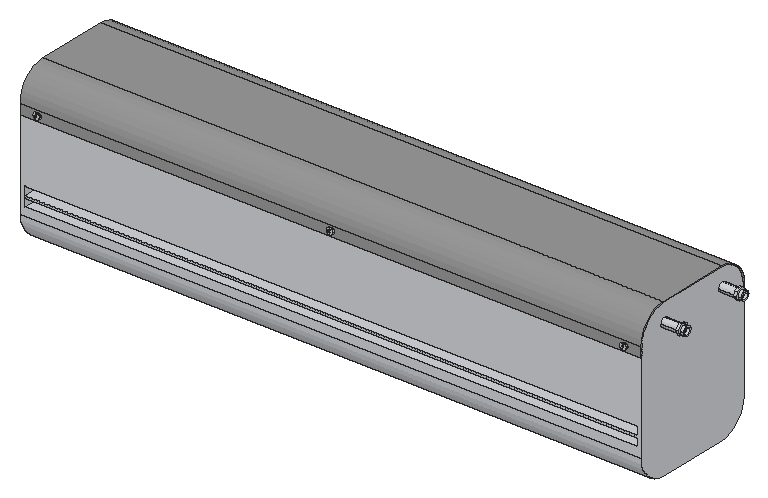
Revit family "Air-Curtain_Customer-Entry_PoweredAire_CLD-CHD-HWST", category Mechanical Equipment, host Face, Revit 2025
Family settings
  Host = Face
  Round Connector Dimension = Use Diameter
  Part Type = Normal
  OmniClass Number = 23.75.35.17.21
  OmniClass Title = Air Curtains
  Cut with Voids When Loaded = No
  Maintain Annotation Orientation = No
  Shared = No
  Room Calculation Point = No
Parameters
  upperpiperotation [instance] = if(Upper Pipe Connection Side A, 0.00°, 180.00°)  # 0.00°
  lowerpiperotation [instance] = if(Lower Pipe Connection Side A, 0.00°, 180.00°)  # 0.00°
  locateupperpipe [instance] = if(Upper Pipe Connection Side A, 0.00", Nozzle Width)  # 0.00"
  locatelowerpipe [instance] = if(Lower Pipe Connection Side A, 0.00", Nozzle Width)  # 0.00"
  Upper Pipe Connection Side A [instance] = yes
  Unit Width Notes = "Other Widths available."  # constant formula
  Unit Width = 73.00"
  Unit Weight = 0
  Unit Height = 15.00"
  Unit Depth = 18.30"
  URL = "http://www.poweredaire.com/"
  Specification = ""
  Projection from Host [instance] = 2.00"
  Product Page URL = "https://www.arcat.com/company/powered-aire-inc-47623"
  Power Rating = 0 W
  Piping_Water Flow [instance] = 0 GPM
  Piping_Operating Pressure [instance] = 0.00 psi
  Piping_Exit Temperature [instance] = 0 °F
  Piping_Entry Temperature [instance] = 0 °F
  Pipe OD [instance] = 5/8"
  Nozzle Width = if(1 = 1, Unit Width - 3.00", 0.00")  # 70.00"
  Mounting Width = if(1 = 1, Unit Width - 1.50", 0.00")  # 71.50"
  Mounting Height [instance] = 50.00"
  Motor RPM = 0
  Motor HP = 0
  Motor Count = 0
  Model = "CLD CHD HW ST"
  Max Height = 0.00"
  Manufacturer = "Powered Aire, Inc"
  Lower Pipe Connection Side A [instance] = yes
  Keynote = "23 34 33"
  Junction Height = 1.77"
  Include Clearance [instance] = yes
  Heating Element Load = 0 W
  HVAC_Temperature Rise = 0 °F
  HVAC_Outlet Volume = 0 CFM
  HVAC_Outlet Velocity Uniformity = 0
  HVAC_Outlet Velocity = 0 FPM
  HVAC_BTU Input = 0.0 Btu/h
  Front Grating Material [instance] = Metal - Steel - PoweredAire - White Perforated
  Frame Finish [instance] = Metal - Steel - PoweredAire - Stainless 304
  Electrical_Wattage [instance] = Power Rating + Heating Element Load  # 0 W
  Electrical_Voltage [instance] = 0 V
  Electrical_Phase [instance] = 1
  Electrical_Frequency [instance] = 0 Hz
  Electrical_Amperage [instance] = 0 A
  Description = ""
  Default Elevation = 0.00"  # constant formula
  Cover Finish [instance] = Metal - Steel - PoweredAire - White
  Copyright = "©Arcat Inc."
  Clearance Material [instance] = ARCAT Clearance
  CAD Details = ""
  Assembly Code = "D3090400"
Reference planes (in)
  plane 1 "Center (Elevation)": y = 8.13818
  plane 2: z = 0
  plane 3 "Center (Left/Right)": x = 0
  plane 4 "FF": y = -41.86182
  plane 5: z = 2
  plane 6: x = 36.5
  plane 7: x = -36.5
  plane 8: z = 20.3
  plane 9: y = 15.63818
  plane 10: z = 2.48
  plane 11: x = -36
  plane 12: x = 36
  plane 13: z = 2.36
  plane 14: y = 0.63818
  plane 15: y = 15.83818
  plane 16: y = 0.43818
  plane 17: y = 17.88818
  plane 18: y = 15.83818
  plane 19: y = 0.43818
  plane 20: y = 12.38818
  plane 21: y = 3.88818
  plane 22: z = 18.25
Forms (in)
  Extrusion 1, solid
    sketch origin (0, -2.225, 0) x (0, 1, 0) y (0, 0, 1)
      loop
        arc (17.86318, 17.05) -> (16.91127, 19.3481) -> (14.61318, 20.3) r 3.25
        line (14.61318, 20.3) -> (6.11318, 20.3)
        arc (6.11318, 20.3) -> (3.81508, 19.3481) -> (2.86318, 17.05) r 3.25
        line (2.86318, 17.05) -> (2.86318, 5.25)
        arc (2.86318, 5.25) -> (3.81508, 2.9519) -> (6.11318, 2) r 3.25
        line (6.11318, 2) -> (14.61318, 2)
        arc (14.61318, 2) -> (16.91127, 2.9519) -> (17.86318, 5.25) r 3.25
        line (17.86318, 5.25) -> (17.86318, 17.05)
    from -36.5 to 36.5
  Extrusion 2, solid, material "Circular Hatch"
    sketch origin (0, 0, 0) x (0, 1, 0) y (0, 0, 1)
      loop
        line (15.63818, 17.05) -> (15.63818, 15.86909) -> (15.71818, 15.86909) -> (15.71818, 17.05)
        arc (15.71818, 17.05) -> (14.74284, 19.40467) -> (12.38818, 20.38) r 3.33
        line (12.38818, 20.38) -> (3.88818, 20.38)
        arc (3.88818, 20.38) -> (1.53351, 19.40467) -> (0.55818, 17.05) r 3.33
        line (0.55818, 17.05) -> (0.55818, 15.86909) -> (0.63818, 15.86909) -> (0.63818, 17.05)
        arc (0.63818, 17.05) -> (1.59008, 19.3481) -> (3.88818, 20.3) r 3.25
        line (3.88818, 20.3) -> (12.38818, 20.3)
        arc (12.38818, 20.3) -> (14.68627, 19.3481) -> (15.63818, 17.05) r 3.25
    from -36.5 to 36.5
  Extrusion 3, void
    sketch origin (0, 3.875, 1.78) x (0, 1, 0) y (0, 0, 1)
      loop
        line (-3.23682, 5.5) -> (-3.23682, 4.5) -> (-1.48682, 4.5) -> (-1.48682, 6.75) -> (-3.23682, 6.75) -> (-3.23682, 5.75) -> (-1.73682, 5.75) -> (-1.73682, 5.5) -> (-3.23682, 5.5)
    from -36 to 36
  Extrusion 4, solid
    sketch origin (0, 8.13818, 0) x (1, 0, 0) y (0, 0, 1)
      loop
        line (-2, 8.44409) -> (2, 8.44409) -> (2, 12.44409) -> (-2, 12.44409) -> (-2, 8.44409)
      loop
        circle (1.9, 12.34409) r 0.05
      loop
        circle (-1.9, 8.54409) r 0.05
    from -9.75 to -7.5
  Extrusion 5, void
    sketch origin (0, 8.13818, 0) x (1, 0, 0) y (0, 0, 1)
      loop
        circle (35.8125, 15.23003) r 0.38
      loop
        circle (35.8125, 4.43003) r 0.38
      loop
        circle (-35.8125, 15.23003) r 0.38
      loop
        circle (-35.8125, 4.43003) r 0.38
    from -7.7 to -3.87526
  Extrusion 6, solid
    sketch origin (0, 11.51318, 1.88459) x (1, 0, 0) y (0, 0, 1)
      loop
        circle (-34.5, 14.60496) r 0.38
      loop
        circle (0, 14.60496) r 0.38
      loop
        circle (34.5, 14.60496) r 0.38
      loop
        line (-34.70441, 14.63496) -> (-34.70441, 14.57496) -> (-34.6172, 14.57496)
        arc (-34.6172, 14.57496) -> (-34.55554, 14.54941) -> (-34.53, 14.48775) r 0.0872
        line (-34.53, 14.48775) -> (-34.53, 14.40055) -> (-34.47, 14.40055) -> (-34.47, 14.48775)
        arc (-34.47, 14.48775) -> (-34.44446, 14.54941) -> (-34.3828, 14.57496) r 0.0872
        line (-34.3828, 14.57496) -> (-34.29559, 14.57496) -> (-34.29559, 14.63496) -> (-34.3828, 14.63496)
        arc (-34.3828, 14.63496) -> (-34.44446, 14.6605) -> (-34.47, 14.72216) r 0.0872
        line (-34.47, 14.72216) -> (-34.47, 14.80936) -> (-34.53, 14.80936) -> (-34.53, 14.72216)
        arc (-34.53, 14.72216) -> (-34.55554, 14.6605) -> (-34.6172, 14.63496) r 0.0872
        line (-34.6172, 14.63496) -> (-34.70441, 14.63496)
      loop
        line (-0.20441, 14.63496) -> (-0.20441, 14.57496) -> (-0.1172, 14.57496)
        arc (-0.1172, 14.57496) -> (-0.05554, 14.54941) -> (-0.03, 14.48775) r 0.0872
        line (-0.03, 14.48775) -> (-0.03, 14.40055) -> (0.03, 14.40055) -> (0.03, 14.48775)
        arc (0.03, 14.48775) -> (0.05554, 14.54941) -> (0.1172, 14.57496) r 0.0872
        line (0.1172, 14.57496) -> (0.20441, 14.57496) -> (0.20441, 14.63496) -> (0.1172, 14.63496)
        arc (0.1172, 14.63496) -> (0.05554, 14.6605) -> (0.03, 14.72216) r 0.0872
        line (0.03, 14.72216) -> (0.03, 14.80936) -> (-0.03, 14.80936) -> (-0.03, 14.72216)
        arc (-0.03, 14.72216) -> (-0.05554, 14.6605) -> (-0.1172, 14.63496) r 0.0872
        line (-0.1172, 14.63496) -> (-0.20441, 14.63496)
      loop
        line (34.29559, 14.63496) -> (34.29559, 14.57496) -> (34.3828, 14.57496)
        arc (34.3828, 14.57496) -> (34.44446, 14.54941) -> (34.47, 14.48775) r 0.0872
        line (34.47, 14.48775) -> (34.47, 14.40055) -> (34.53, 14.40055) -> (34.53, 14.48775)
        arc (34.53, 14.48775) -> (34.55554, 14.54941) -> (34.6172, 14.57496) r 0.0872
        line (34.6172, 14.57496) -> (34.70441, 14.57496) -> (34.70441, 14.63496) -> (34.6172, 14.63496)
        arc (34.6172, 14.63496) -> (34.55554, 14.6605) -> (34.53, 14.72216) r 0.0872
        line (34.53, 14.72216) -> (34.53, 14.80936) -> (34.47, 14.80936) -> (34.47, 14.72216)
        arc (34.47, 14.72216) -> (34.44446, 14.6605) -> (34.3828, 14.63496) r 0.0872
        line (34.3828, 14.63496) -> (34.29559, 14.63496)
    from 10.875 to 11.075
  Extrusion 7, solid
    sketch origin (0, 11.51318, 1.89414) x (1, 0, 0) y (0, 0, -1)
      loop
        circle (-34.5, -14.60496) r 0.38
      loop
        circle (0, -14.60496) r 0.38
      loop
        circle (34.5, -14.60496) r 0.38
      loop
        line (-34.70441, -14.63496) -> (-34.6172, -14.63496)
        arc (-34.6172, -14.63496) -> (-34.55554, -14.6605) -> (-34.53, -14.72216) r 0.0872
        line (-34.53, -14.72216) -> (-34.53, -14.80936) -> (-34.47, -14.80936) -> (-34.47, -14.72216)
        arc (-34.47, -14.72216) -> (-34.44446, -14.6605) -> (-34.3828, -14.63496) r 0.0872
        line (-34.3828, -14.63496) -> (-34.29559, -14.63496) -> (-34.29559, -14.57496) -> (-34.3828, -14.57496)
        arc (-34.3828, -14.57496) -> (-34.44446, -14.54941) -> (-34.47, -14.48775) r 0.0872
        line (-34.47, -14.48775) -> (-34.47, -14.40055) -> (-34.53, -14.40055) -> (-34.53, -14.48775)
        arc (-34.53, -14.48775) -> (-34.55554, -14.54941) -> (-34.6172, -14.57496) r 0.0872
        line (-34.6172, -14.57496) -> (-34.70441, -14.57496) -> (-34.70441, -14.63496)
      loop
        line (-0.20441, -14.63496) -> (-0.1172, -14.63496)
        arc (-0.1172, -14.63496) -> (-0.05554, -14.6605) -> (-0.03, -14.72216) r 0.0872
        line (-0.03, -14.72216) -> (-0.03, -14.80936) -> (0.03, -14.80936) -> (0.03, -14.72216)
        arc (0.03, -14.72216) -> (0.05554, -14.6605) -> (0.1172, -14.63496) r 0.0872
        line (0.1172, -14.63496) -> (0.20441, -14.63496) -> (0.20441, -14.57496) -> (0.1172, -14.57496)
        arc (0.1172, -14.57496) -> (0.05554, -14.54941) -> (0.03, -14.48775) r 0.0872
        line (0.03, -14.48775) -> (0.03, -14.40055) -> (-0.03, -14.40055) -> (-0.03, -14.48775)
        arc (-0.03, -14.48775) -> (-0.05554, -14.54941) -> (-0.1172, -14.57496) r 0.0872
        line (-0.1172, -14.57496) -> (-0.20441, -14.57496) -> (-0.20441, -14.63496)
      loop
        line (34.29559, -14.63496) -> (34.3828, -14.63496)
        arc (34.3828, -14.63496) -> (34.44446, -14.6605) -> (34.47, -14.72216) r 0.0872
        line (34.47, -14.72216) -> (34.47, -14.80936) -> (34.53, -14.80936) -> (34.53, -14.72216)
        arc (34.53, -14.72216) -> (34.55554, -14.6605) -> (34.6172, -14.63496) r 0.0872
        line (34.6172, -14.63496) -> (34.70441, -14.63496) -> (34.70441, -14.57496) -> (34.6172, -14.57496)
        arc (34.6172, -14.57496) -> (34.55554, -14.54941) -> (34.53, -14.48775) r 0.0872
        line (34.53, -14.48775) -> (34.53, -14.40055) -> (34.47, -14.40055) -> (34.47, -14.48775)
        arc (34.47, -14.48775) -> (34.44446, -14.54941) -> (34.3828, -14.57496) r 0.0872
        line (34.3828, -14.57496) -> (34.29559, -14.57496) -> (34.29559, -14.63496)
    from 4.125 to 4.325
Cuts and joins
  Extrusion 3, Extrusion 5 cuts Extrusion 1
Dimensions and locks (in)
  equal spacing: plane 7, plane 3 "Center (Left/Right)", plane 6
  "Unit Width": plane 7 to plane 6
  "Unit Depth": plane 8 to plane 5
  "Projection from Host": plane 5 to host face
  locked: plane 12 to plane 6 at 0.5
  locked: plane 7 to plane 11 at 0.5
  locked: plane 10 to plane 13 at 0.12
  equal spacing: plane 9, plane 1 "Center (Elevation)", plane 14
  locked: plane 15 to plane 9 at 0.2
  locked: plane 16 to plane 14 at 0.2
  Extrusion 3 sketch curve to Extrusion 3 sketch curve to Extrusion 3 sketch curve to Extrusion 3 sketch curve = 1.00" locked, 0.25" locked, 1.00" locked
  locked: plane 17 to plane 9 at 2.25
  "Mounting Height": plane 4 "FF" to plane 1 "Center (Elevation)"
  locked: plane 18 to plane 9 at 0.2
  locked: plane 19 to plane 14 at 0.2
  locked: plane 9 to plane 20 at 3.25
  "Unit Height": plane 14 to plane 9
  locked: plane 21 to plane 14 at 3.25
  locked: plane 8 to plane 22 at 2.05
  aligned and locked: plane 2 to host face
  aligned and locked: level to host face
  aligned and locked: Extrusion 1 to plane 7
  aligned and locked: plane 6 to Extrusion 1
  aligned and locked: plane 8 to Extrusion 1
  aligned and locked: Extrusion 2 to Extrusion 1
  aligned and locked: Extrusion 1 to Extrusion 2
  aligned and locked: Extrusion 1 to plane 5
  aligned and locked: Extrusion 2 to plane 7
  aligned and locked: plane 14 to Extrusion 1
  aligned and locked: Extrusion 4 to cut or joined group of Extrusion 1, Extrusion 3, Extrusion 5
  aligned and locked: Extrusion 4 to plane 17
  aligned and locked: Extrusion 4 to plane 9
  aligned and locked: plane 18 to Extrusion 7
  aligned and locked: plane 19 to Extrusion 6
  aligned and locked: Extrusion 7 to plane 9
  aligned and locked: Extrusion 6 to plane 14
  aligned and locked: Extrusion 6 to plane 19
  aligned and locked: plane 9 to Extrusion 7
  aligned and locked: Extrusion 7 to plane 18
  aligned and locked: plane 20 to nested 2
  aligned and locked: plane 21 to nested 1
  aligned and locked: plane 12 to cut or joined group of Extrusion 1, Extrusion 3, Extrusion 5
  aligned and locked: cut or joined group of Extrusion 1, Extrusion 3, Extrusion 5 to plane 11
  aligned and locked: plane 14 to cut or joined group of Extrusion 1, Extrusion 3, Extrusion 5
  aligned and locked: plane 9 to Extrusion 1
  aligned and locked: Extrusion 1 to Extrusion 3
  aligned and locked: Extrusion 5 to plane 15
  aligned and locked: plane 22 to nested 2
  aligned and locked: plane 22 to nested 1
Automatic sketch dimensions
  host sketch curve to host sketch curve = 123.22671"
  host sketch curve to host sketch curve = 96.00"
  Extrusion 2 sketch curve to Extrusion 2 sketch curve = 0.00"  (x4)
  Extrusion 2 sketch curve to plane 14 = 0.00"
  Extrusion 2 sketch curve to plane 21 = 0.00"
  Extrusion 2 sketch curve to plane 20 = 0.00"
  Extrusion 2 sketch curve to plane 9 = 0.00"
  Extrusion 2 sketch curve to plane 8 = 0.00"
  plane 14 to Extrusion 2 sketch curve = 0.08"
  Extrusion 2 sketch curve to Extrusion 2 sketch curve = 1.18091"  (x2)
  Extrusion 3 sketch curve to plane 14 = 0.00"  (x2)
  Extrusion 3 sketch curve to Extrusion 3 sketch curve = 1.50"
  Extrusion 3 sketch curve to Extrusion 3 sketch curve = 0.25"
  plane 10 to Extrusion 3 sketch curve = 3.80"
  Extrusion 6 sketch curve to plane 3 "Center (Left/Right)" = 0.00"
  Extrusion 6 sketch curve to plane 3 "Center (Left/Right)" = 0.03"  (x2)
  Extrusion 6 sketch curve to Extrusion 6 sketch curve = 0.0872"  (x25)
  plane 11 to Extrusion 6 sketch curve = 1.70441"
  Extrusion 6 sketch curve to Extrusion 6 sketch curve = 0.00"  (x3)
  Extrusion 6 sketch curve to Extrusion 6 sketch curve = 0.03"  (x5)
  Extrusion 6 sketch curve to Extrusion 6 sketch curve = 0.06"  (x10)
  plane 3 "Center (Left/Right)" to Extrusion 6 sketch curve = 0.03"  (x2)
  Extrusion 6 sketch curve to plane 12 = 1.70441"
  Extrusion 6 sketch curve to Extrusion 6 sketch curve = 0.1172"
  Extrusion 6 sketch curve to plane 8 = 4.01486"  (x3)
  Extrusion 7 sketch curve to plane 3 "Center (Left/Right)" = 0.00"
  Extrusion 7 sketch curve to plane 3 "Center (Left/Right)" = 0.03"  (x2)
  Extrusion 7 sketch curve to Extrusion 7 sketch curve = 0.0872"  (x24)
  plane 11 to Extrusion 7 sketch curve = 1.70441"
  Extrusion 7 sketch curve to Extrusion 7 sketch curve = 0.00"  (x4)
  Extrusion 7 sketch curve to Extrusion 7 sketch curve = 0.03"  (x3)
  Extrusion 7 sketch curve to Extrusion 7 sketch curve = 0.06"  (x10)
  plane 3 "Center (Left/Right)" to Extrusion 7 sketch curve = 0.03"  (x2)
  Extrusion 7 sketch curve to plane 12 = 1.70441"
  Extrusion 7 sketch curve to Extrusion 7 sketch curve = 0.1172"  (x3)
  Extrusion 7 sketch curve to plane 8 = 3.5965"  (x3)
  Extrusion 1 sketch curve to plane 14 = 0.00"
  Extrusion 1 sketch curve to plane 5 = 0.00"
  Extrusion 1 sketch curve to plane 8 = 0.00"
  Extrusion 1 sketch curve to plane 21 = 0.00"  (x2)
  Extrusion 1 sketch curve to plane 20 = 0.00"  (x2)
  Extrusion 1 sketch curve to plane 9 = 0.00"
  plane 11 to Extrusion 5 sketch curve = 0.1875"  (x2)
  Extrusion 5 sketch curve to plane 12 = 0.1875"  (x2)
  plane 10 to Extrusion 5 sketch curve = 1.95003"  (x2)
  Extrusion 5 sketch curve to plane 8 = 5.06997"  (x2)
  Extrusion 4 sketch curve to plane 3 "Center (Left/Right)" = 2.00"
  Extrusion 4 sketch curve to Extrusion 4 sketch curve = 0.10"  (x3)
  plane 3 "Center (Left/Right)" to Extrusion 4 sketch curve = 1.90"
  plane 3 "Center (Left/Right)" to Extrusion 4 sketch curve = 2.00"
  plane 10 to Extrusion 4 sketch curve = 5.96409"
  Extrusion 4 sketch curve to Extrusion 4 sketch curve = 3.90"
  radius of Extrusion 6 sketch curve = 0.38"  (x3)
  radius of Extrusion 7 sketch curve = 0.38"  (x3)
  radius of Extrusion 5 sketch curve = 0.38"  (x4)
  radius of Extrusion 4 sketch curve = 0.05"  (x2)
Nested families (in)
  nested 1: "Valve" at (36.5, 3.88818, 30.90595) x (0, 1, 0) z (1, 0, 0), type "Valve"
    with upperpiperotation 0.00°, lowerpiperotation 0.00°, locateupperpipe 0.00", locatelowerpipe 0.00", Upper Pipe Connection Side A yes, Projection from Host 4.00", Piping_Water Flow 0 GPM, Piping_Operating Pressure 0.00 psi, Piping_Exit Temperature 0 °F, Piping_Entry Temperature 0 °F, Pipe OD 5/8", Mounting Height 42.00", Lower Pipe Connection Side A yes, Include Clearance yes, Front Grating Material Metal - Steel - PoweredAire - White Perforated, Frame Finish Metal - Steel - PoweredAire - Stainless 304, Electrical_Wattage 0 W, Electrical_Voltage 0 V, Electrical_Phase 1, Electrical_Frequency 0 Hz, Electrical_Amperage 0 A, Cover Finish Metal - Steel - PoweredAire - White, Clearance_Top 0.00", Clearance_Side B 0.00", Clearance_Side A 0.00", Clearance_Intake 0.00", Clearance_Front 43.00", Clearance Material ARCAT Clearance
  nested 2: "Valve" at (36.5, 12.38818, 30.90595) x (0, -1, 0) z (1, 0, 0), type "Valve"
    with upperpiperotation 0.00°, lowerpiperotation 0.00°, locateupperpipe 0.00", locatelowerpipe 0.00", Upper Pipe Connection Side A yes, Projection from Host 4.00", Piping_Water Flow 0 GPM, Piping_Operating Pressure 0.00 psi, Piping_Exit Temperature 0 °F, Piping_Entry Temperature 0 °F, Pipe OD 5/8", Mounting Height 42.00", Lower Pipe Connection Side A yes, Include Clearance yes, Front Grating Material Metal - Steel - PoweredAire - White Perforated, Frame Finish Metal - Steel - PoweredAire - Stainless 304, Electrical_Wattage 0 W, Electrical_Voltage 0 V, Electrical_Phase 1, Electrical_Frequency 0 Hz, Electrical_Amperage 0 A, Cover Finish Metal - Steel - PoweredAire - White, Clearance_Top 0.00", Clearance_Side B 0.00", Clearance_Side A 0.00", Clearance_Intake 0.00", Clearance_Front 43.00", Clearance Material ARCAT Clearance
Definition of nested family "Valve"
  Parameters (values of type "Valve")
    upperpiperotation [instance] = if(Upper Pipe Connection Side A, 0.00°, 180.00°)  # 0.00°
    lowerpiperotation [instance] = if(Lower Pipe Connection Side A, 0.00°, 180.00°)  # 0.00°
    locateupperpipe [instance] = if(Upper Pipe Connection Side A, 0.00", Nozzle Width)  # 0.00"
    locatelowerpipe [instance] = if(Lower Pipe Connection Side A, 0.00", Nozzle Width)  # 0.00"
    Upper Pipe Connection Side A [instance] = yes
    Unit Width Notes = "Other Widths available."  # constant formula
    Unit Width = 73.00"
    Unit Weight = 0
    Unit Height = 15.00"
    Unit Depth = 17.00"
    URL = "http://www.poweredaire.com/"
    Specification = ""
    Projection from Host [instance] = 4.00"
    Product Page URL = "https://www.arcat.com/company/powered-aire-inc-47623"
    Power Rating = 0 W
    Piping_Water Flow [instance] = 0 GPM
    Piping_Operating Pressure [instance] = 0.00 psi
    Piping_Exit Temperature [instance] = 0 °F
    Piping_Entry Temperature [instance] = 0 °F
    Pipe OD [instance] = 5/8"
    Nozzle Width = if(1 = 1, Unit Width - 3.00", 0.00")  # 70.00"
    Mounting Width = if(1 = 1, Unit Width - 1.50", 0.00")  # 71.50"
    Mounting Height [instance] = 42.00"
    Motor RPM = 0
    Motor HP = 0
    Motor Count = 0
    Model = "CLD CHD HW ST"
    Max Height = 0.00"
    Manufacturer = "Powered Aire, Inc"
    Lower Pipe Connection Side A [instance] = yes
    Keynote = "23 34 33"
    Junction Height = 1.77"
    Include Clearance [instance] = yes
    Heating Element Load = 0 W
    HVAC_Temperature Rise = 0 °F
    HVAC_Outlet Volume = 0 CFM
    HVAC_Outlet Velocity Uniformity = 0
    HVAC_Outlet Velocity = 0 FPM
    HVAC_BTU Input = 0.0 Btu/h
    Front Grating Material [instance] = none
    Frame Finish [instance] = none
    Electrical_Wattage [instance] = Power Rating + Heating Element Load  # 0 W
    Electrical_Voltage [instance] = 0 V
    Electrical_Phase [instance] = 1
    Electrical_Frequency [instance] = 0 Hz
    Electrical_Amperage [instance] = 0 A
    Description = ""
    Default Elevation = 0.00"  # constant formula
    Cover Finish [instance] = none
    Copyright = "©Arcat Inc."
    Clearance_Top [instance] = 0.00"
    Clearance_Side B [instance] = 0.00"
    Clearance_Side A [instance] = 0.00"
    Clearance_Intake [instance] = 0.00"
    Clearance_Front [instance] = 43.00"
    Clearance Material [instance] = none
    CAD Details = ""
    Assembly Code = "D3090400"
  Reference planes (in)
    plane 1 "Center (Elevation)": y = -12.65595
    plane 2: z = 0
    plane 3 "Center (Left/Right)": x = 0
  Forms (in)
    Extrusion 1, solid
      sketch origin (0, 0, 0) x (1, 0, 0) y (0, 1, 0)
        loop
          line (-60, 48) -> (-60, -48) -> (63.22671, -48) -> (63.22671, 48) -> (-60, 48)
      from 0 to -12
    Extrusion 2, solid
      sketch origin (0, 0, 0) x (1, 0, 0) y (0, 1, 0)
        loop
          circle (0, -12.65595) r 0.45
        loop
          circle (0, -12.65595) r 0.5
      from 0 to 2.75
    Extrusion 3, solid
      sketch origin (0, 0, 0) x (1, 0, 0) y (0, 1, 0)
        loop
          line (0.64691, -12.82929) -> (0.47357, -12.18238) -> (-0.17334, -12.00904) -> (-0.64691, -12.48261) -> (-0.47357, -13.12952) -> (0.17334, -13.30286) -> (0.64691, -12.82929)
        loop
          circle (0, -12.65595) r 0.5
      from 1.99342 to 2.31497
  Dimensions and locks (in)
    aligned and locked: plane 2 to Extrusion 1
    aligned and locked: level to Extrusion 1
